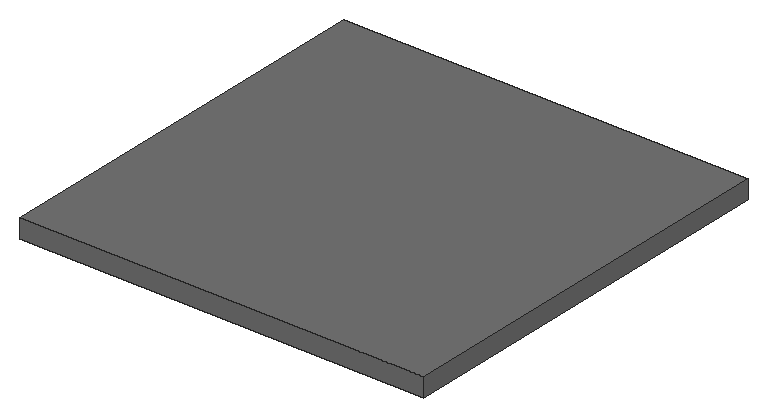
Revit family "p-180_395gb2-ck", category 機械設備, Revit 2019
Family settings
  丸型コネクタ寸法 = 直径を使用
  パーツ タイプ = 標準
  OmniClass 番号 = 23.75.35.17.27
  OmniClass タイトル = Centrifugal Fans
  作業面ベース = いいえ
  常に垂直 = はい
  ロード時にボイドで切り取り = いいえ
  共有 = いいえ
  部屋計算ポイント = はい
Parameters (values of type "P-395GB2-CK")
  電圧 = 100 V
  質量 = 0.888 kg
  負荷分類 = 3_ファン類
  説明 = "ダクト用換気扇 別売グリル インテリア格子タイプ<マットブラック>"
  製造元 = "三菱電機株式会社"
  製品質量 = 0.74 kg
  製品出荷対象 = "国内"
  製品リリース年月 = "2016年6月1日"
  積算_科目 = "2 換気設備"
  相 = 1
  消費電力 = 36 W
  極数 = 2
  始動方式 [instance] = "直入"
  分類コード = "50052503100030"
  価格 = 12500
  企業コード = "108420"
  仕様書バージョン = "Version1.0"
  モデル = "P-395GB2-CK"
  マテリアル = 合成樹脂(黒)
  Type Comments = ""
  Keynote = ""
  Assembly Code = ""
  Width = 475 mm
  URL = "https://www.mitsubishielectric.co.jp/ldg/wink/qr/002/269702/"
  Height = 22 mm
  Depth = 475 mm
  Author = "三菱電機株式会社"
Types (5, lengths in mm): name | 質量 | 製品質量 | 価格 | モデル | Width | URL | Height | Depth
  P-180GB2-CK | 0.228 kg | 0.19 kg | 7500 | "P-180GB2-CK" | 250 | "https://www.mitsubishielectric.co.jp/ldg/wink/qr/002/269706/" | 15 | 250
  P-215GB2-CK | 0.30 kg | 0.25 kg | 7800 | "P-215GB2-CK" | 286 | "https://www.mitsubishielectric.co.jp/ldg/wink/qr/002/269711/" | 15 | 286
  P-260GB2-CK | 0.42 kg | 0.35 kg | 8600 | "P-260GB2-CK" | 335 | "https://www.mitsubishielectric.co.jp/ldg/wink/qr/002/269716/" | 19 | 335
  P-315GB2-CK | 0.528 kg | 0.44 kg | 10100 | "P-315GB2-CK" | 380 | "https://www.mitsubishielectric.co.jp/ldg/wink/qr/002/269697/" | 20 | 380
  P-395GB2-CK | 0.888 kg | 0.74 kg | 12500 | "P-395GB2-CK" | 475 | "https://www.mitsubishielectric.co.jp/ldg/wink/qr/002/269702/" | 22 | 475
Reference planes
  plane 1 "中心(正面/背面)": y = 0
  plane 2: z = 0
  plane 3 "中心(左/右)": x = 0
  plane 4: x = -237.5
  plane 5: x = 237.5
  plane 6: y = 237.5
  plane 7: y = -237.5
  plane 8: z = -22
Forms (mm)
  Extrusion 1, solid, material "合成樹脂(黒)" <- "マテリアル"
    sketch origin (0, 0, 0) x (1, 0, 0) y (0, 1, 0)
      loop
        line (-237.5, 237.5) -> (-237.5, -237.5) -> (237.5, -237.5) -> (237.5, 237.5) -> (-237.5, 237.5)
    from -22 to 0
Dimensions and locks
  "Width": plane 4 to plane 5
  equal spacing: plane 4, plane 3 "中心(左/右)", plane 5
  "Depth": plane 6 to plane 7
  equal spacing: plane 6, plane 1 "中心(正面/背面)", plane 7
  "Height": plane 2 to plane 8
  aligned and locked: level to plane 2
  aligned and locked: plane 6 to Extrusion 1
  aligned and locked: plane 5 to Extrusion 1
  aligned and locked: Extrusion 1 to plane 7
  aligned and locked: Extrusion 1 to plane 4
  aligned and locked: plane 2 to Extrusion 1
  aligned and locked: Extrusion 1 to plane 8
  aligned and locked: plane 7 to Extrusion 1 sketch curve
  aligned and locked: Extrusion 1 sketch curve to plane 5
Automatic sketch dimensions
  Extrusion 1 sketch curve to plane 4 = 0 mm
  Extrusion 1 sketch curve to plane 6 = 0 mm
